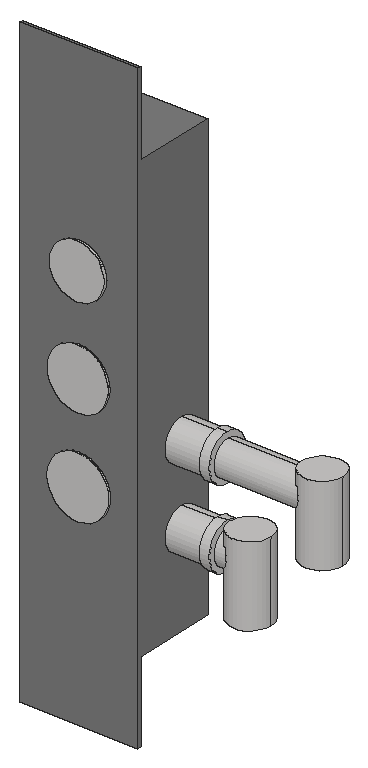
Revit family "5600VA3", category Generic Models, Revit 2021
Family settings
  Can host rebar = No
  Round Connector Dimension = Use Diameter
  Part Type = Normal
  Work Plane-Based = No
  Always vertical = Yes
  Cut with Voids When Loaded = No
  Shared = No
  Room Calculation Point = No
Parameters (values of type "Standard")
  e-mail = "info@vola.com"
  URL = "http://vola.com"
  Telephone = "+45 7023 5500"
  Quality management standard = "ISO 9001"
  Organisation no. / DUNS no. = "17531328"
  Occupational health and safety management standard = "ISO 18001"
  Mounting Instructions = "http://vola.com/service/producturl.ashx?name=5600V"
  Model = "5600VA3"
  Materials and components information = "http://vola.com/service/producturl.ashx?name=5600V"
  Manufacturer = "VOLA A/S"
  Maintenance Instructions = "http://vola.com/service/producturl.ashx?name=5600V"
  Guarantee = "2 years"
  Flow = "43,00 l/min"
  Environmental management standard = "ISO 14000"
  Default Elevation = 0.00 mm
  Connection - All relevant connections = ""
  Approvals = "http://vola.com/service/producturl.ashx?name=5600V"
Reference planes
  plane 1 "Center (Front/Back)": y = 0
  plane 2: z = 0
  plane 3 "Center (Left/Right)": x = 0
  plane 4 "Front Plane": y = -72.5
  plane 5 "Inlet Center Plane": y = -25
  plane 6: x = 26.42
Forms (mm)
  Extrusion 1, solid, material "Stainless Steel"
    sketch origin (95.42, 0, 135.75) x (0, 0, 1) y (-1, 0, 0)
      loop
        circle (39, 69) r 22
    from 70.5 to 72.5
  Extrusion 2, solid, material "Default"
    sketch origin (95.42, 0, 39) x (0, 0, 1) y (0, 1, 0)
      loop
        line (-127.5, 0) -> (-127.5, -68) -> (230.5, -68) -> (230.5, 0) -> (-127.5, 0)
    from 21.5 to 116.5
  Extrusion 3, solid, material "Default"
    sketch origin (95.42, 0, 39) x (0, 0, 1) y (0, 1, 0)
      loop
        line (-192.5, -68) -> (-192.5, -70.5) -> (298, -70.5) -> (298, -68) -> (-192.5, -68)
    from 21.5 to 116.5
  Extrusion 4, solid, material "Stainless Steel"
    sketch origin (95.42, 0, 57.75) x (0, 0, 1) y (-1, 0, 0)
      loop
        circle (39, 69) r 24.595
    from 70.5 to 71.475
  Extrusion 5, solid, material "Stainless Steel"
    sketch origin (95.42, 0, -20.25) x (0, 0, 1) y (-1, 0, 0)
      loop
        circle (39, 69) r 24.875
    from 70.5 to 71.475
  Extrusion 6, solid, material "Stainless Steel"
    sketch origin (73.92, -2.5, 62.75) x (0, 0, -1) y (0, 1, 0)
      loop
        circle (12, -25) r 16.5
    from 0 to 29.77
  Extrusion 7, solid, material "Stainless Steel"
    sketch origin (73.92, -2.5, -1.25) x (0, 0, -1) y (0, 1, 0)
      loop
        circle (12, -25) r 16.5
    from 0 to 29.77
  Extrusion 8, solid, material "Stainless Steel"
    sketch origin (103.69, -2.5, 62.75) x (0, 0, -1) y (0, 1, 0)
      loop
        circle (12, -25) r 18.5
    from 0 to 7.73
  Extrusion 9, solid, material "Stainless Steel"
    sketch origin (103.69, -2.5, -1.25) x (0, 0, -1) y (0, 1, 0)
      loop
        circle (12, -25) r 18.5
    from 0 to 7.73
  Extrusion 10, solid, material "Stainless Steel"
    sketch origin (111.42, -2.5, 62.75) x (0, 0, -1) y (0, 1, 0)
      loop
        circle (12, -25) r 14
    from 0 to 76.5
  Extrusion 11, solid, material "Stainless Steel"
    sketch origin (111.42, -2.5, -1.25) x (0, 0, -1) y (0, 1, 0)
      loop
        circle (12, -25) r 14
    from 0 to 18.5
  Extrusion 12, solid, material "Stainless Steel"
    sketch origin (4.5, 0, 64) x (1, 0, 0) y (0, 1, 0)
      loop
        circle (125.42, -27.5) r 16.5
    from -122.75 to -58.75
  Extrusion 13, solid, material "Stainless Steel"
    sketch origin (62.5, 0, 123.5) x (1, 0, 0) y (0, 1, 0)
      loop
        circle (125.42, -27.5) r 16.5
    from -118.25 to -54.25
Cuts and joins
  joined: Extrusion 2, Extrusion 3
  joined: Extrusion 10, Extrusion 13
  joined: Extrusion 11, Extrusion 12
Lines and regions (mm)
  reference lines
    curve 1: line (26.42, -25, 18.75) -> (26.42, -122.5, 18.75)
    curve 2: line (26.42, -25, 96.75) -> (26.42, -122.5, 96.75)
    curve 3: line (26.42, -25, 174.75) -> (26.42, -122.5, 174.75)
    curve 4: line (26.42, -25, 174.75) -> (-72.58, -25, 174.75)
    curve 5: line (26.42, -36, 174.75) -> (125.42, -36, 174.75)
    curve 6: line (26.42, -27.5, 50.75) -> (125.42, -27.5, 50.75)
    curve 7: line (26.42, -27.5, -13.25) -> (125.42, -27.5, -13.25)
Dimensions and locks
  aligned and locked: plane 2 to level
  aligned and locked: Extrusion 2 to Extrusion 3
  aligned and locked: Extrusion 3 to Extrusion 2
